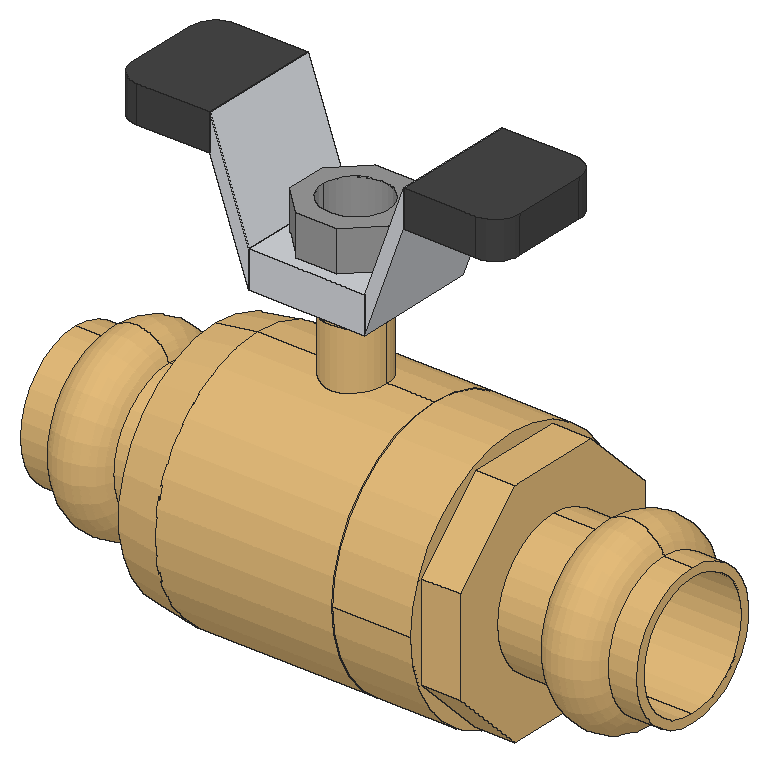
Revit family "430THK-Ball-Valve", category Pipe Accessories, Revit 2018
Family settings
  Round Connector Dimension = Use Diameter
  Part Type = Valve - Breaks Into
  OmniClass Number = 23.60.30.11.14
  OmniClass Title = Pipework Fittings
  Work Plane-Based = No
  Always vertical = Yes
  Cut with Voids When Loaded = No
  Shared = No
Parameters
  X8 [instance] = size_lookup(LookupTable, "X8", 0.000", Nominal Diameter)  # 0.310"
  Weight [instance] = size_lookup(LookupTable, "Weight", "NA", Nominal Diameter)  # "0.49"
  URL = "http://www.fnw.com"
  Standards Lookup Table = "Standards"  # constant formula
  R4 [instance] = size_lookup(LookupTable, "R4", 0.000", Nominal Diameter)  # 0.585"
  Product ID Handle [instance] = size_lookup(LookupTable, "ProductIDHandle", "NA", Nominal Diameter)  # "1772560"
  Product ID [instance] = size_lookup(LookupTable, "ProductID", "NA", Nominal Diameter)  # "2379990"
  Pipe Diameter [instance] = size_lookup(Standards Lookup Table, "copper", 0.000", Nominal Diameter)  # 0.625"
  Part Number Handle [instance] = size_lookup(LookupTable, "PartNumberHandle", "NA", Nominal Diameter)  # "FNW420THKBD"
  Part Number [instance] = size_lookup(LookupTable, "PartNumber", "NA", Nominal Diameter)  # "FNW430D"
  PIpe Radius [instance] = Pipe Diameter / 2  # 0.3125"
  Manufacturer = "FNW"  # constant formula
  Insert [instance] = size_lookup(LookupTable, "insert", 0.000", Nominal Diameter)  # 0.000"
  Description BOM Handle [instance] = size_lookup(LookupTable, "Description_BOMHandle", "NA", Nominal Diameter)  # "1/4-1/2 T-Handle For 420&421 BV"
  Description BOM [instance] = size_lookup(LookupTable, "Description_BOM", "NA", Nominal Diameter)  # "Not For Potable Use 1/2 Brass PXP Full Port BV Water"
  D5 Half [instance] = D5 / 2  # 0.000"
  D5 [instance] = size_lookup(LookupTable, "D5", 0.000", Nominal Diameter)  # 0.000"
  D3_Half [instance] = D3 / 2  # 0.250"
  Z3 [instance] = size_lookup(LookupTable, "Z3", 0.000", Nominal Diameter)  # 0.20313"
  Z2 [instance] = size_lookup(LookupTable, "Z2", 0.000", Nominal Diameter)  # 1.050"
  Z1 [instance] = size_lookup(LookupTable, "Z1", 0.000", Nominal Diameter)  # 0.925"
  X7 [instance] = size_lookup(LookupTable, "X7", 0.000", Nominal Diameter)  # 1.420"
  X6 [instance] = size_lookup(LookupTable, "X6", 0.000", Nominal Diameter)  # 0.325"
  X5 [instance] = size_lookup(LookupTable, "X5", 0.000", Nominal Diameter)  # 0.20014"
  X4 [instance] = size_lookup(LookupTable, "X4", 0.000", Nominal Diameter)  # 0.40028"
  X3 [instance] = size_lookup(LookupTable, "X3", 0.000", Nominal Diameter)  # 0.90092"
  X2 [instance] = size_lookup(LookupTable, "X2", 0.000", Nominal Diameter)  # 0.20867"
  X1 [instance] = size_lookup(LookupTable, "X1", 0.000", Nominal Diameter)  # 0.710"
  Show Lever Clearance [instance] = no
  R3 [instance] = size_lookup(LookupTable, "R3", 0.000", Nominal Diameter)  # 0.650"
  R2 [instance] = size_lookup(LookupTable, "R2", 0.000", Nominal Diameter)  # 0.6175"
  R1_Diam [instance] = R1 * 2  # 0.708"
  R1 [instance] = size_lookup(LookupTable, "R1", 0.000", Nominal Diameter)  # 0.354"
  Nominal Radius [instance] = Nominal Diameter / 2  # 0.250"
  Nominal Diameter [instance] = 0.500"
  LookupTable = "valve-ball-2p-press-tee-handle 430"  # constant formula
  HexAngle1 [instance] = 135.00°  # constant formula
  D3 [instance] = size_lookup(LookupTable, "D3", 0.000", Nominal Diameter)  # 0.500"
  D2 [instance] = size_lookup(LookupTable, "D2", 0.000", Nominal Diameter)  # 0.3125"
  D1 [instance] = size_lookup(LookupTable, "D1", 0.000", Nominal Diameter)  # 0.3125"
  2_Z2 [instance] = size_lookup(LookupTable, "2_Z2", 0.000", Nominal Diameter)  # 0.740"
  2_Z1 [instance] = size_lookup(LookupTable, "2_Z1", 0.000", Nominal Diameter)  # 0.1875"
  2_Y1 [instance] = size_lookup(LookupTable, "2_Y1", 0.000", Nominal Diameter)  # 0.625"
  2_X3 [instance] = size_lookup(LookupTable, "2_X3", 0.000", Nominal Diameter)  # 0.591"
  2_X2 [instance] = size_lookup(LookupTable, "2_X2", 0.000", Nominal Diameter)  # 0.985"
  2_X1 [instance] = size_lookup(LookupTable, "2_X1", 0.000", Nominal Diameter)  # 1.970"
Reference planes (in)
  plane 1 "Center (Front/Back)": y = 0
  plane 2: z = 0
  plane 3 "Center (Left/Right)": x = 0
  plane 4 "X7 End": x = -1.42
  plane 5 "D1 Top": z = 0.925
  plane 6 "D2 Top": z = 1.05
  plane 7: x = -0.71
  plane 8: x = -0.50133
  plane 9: x = 0.39959
  plane 10 "Face EXT": x = 0.79986
  plane 11: x = 1
  plane 12 "R3 Top": z = 0.65
  plane 13 "R2 Top": z = 0.6175
  plane 14 "R1 Top": z = 0.354
  plane 15 "Pipe radius": z = 0.3125
  plane 16 "NPT": x = -0.71
  plane 17 "NPT 2": x = 0.79986
  plane 18: x = 1.71
  plane 19 "X61": x = -1.2725
  plane 20: x = -0.9475
  plane 21 "X62": x = 1.2375
  plane 22: x = 1.5625
  plane 23: z = 1.05
  plane 24: x = 1.4
  plane 25: x = -1.11
  plane 26: z = 1.25312
  plane 27: z = 0
  plane 28: x = -1.42
  plane 29: x = 1.71
Forms (in)
  Extrusion 1, solid, material "Brass"
    sketch origin (0, 0, 0) x (1, 0, 0) y (0, 1, 0)
      loop
        circle (0, 0) r 0.15625
    from 0.925 to 1.05
  Extrusion 2, solid, material "Brass"
    sketch origin (0, 0, 0) x (0, 1, 0) y (0, 0, 1)
      loop
        circle (0, 0) r 0.65
      loop
        circle (0, 0) r 0.3125
    from 0.39959 to 0.79986
  Extrusion 3, solid, material "Brass"
    sketch origin (0, 0, 0.3125) x (-1, 0, 0) y (0, -1, 0)
      loop
        circle (0, 0) r 0.15625
    from 0 to 0.6125
  Extrusion 4, solid, material "Brass", not visible
    sketch origin (-0.71, 0, 0) x (0, 0, 1) y (0, -1, 0)
      loop
        circle (0, 0) r 0.25
    from -0.71 to 2.42
  Extrusion 5, solid, material "Brass"
    sketch origin (-0.71, 0, 0) x (0, 0, 1) y (0, -1, 0)
      loop
        circle (0, 0) r 0.354
      loop
        circle (0, 0) r 0.3125
    from -0.71 to 0
  Extrusion 6, solid, material "Brass"
    sketch origin (0.79986, 0, 0) x (0, 0, 1) y (0, -1, 0)
      loop
        line (-0.24231, -0.585) -> (0.24231, -0.585) -> (0.585, -0.24231) -> (0.585, 0.24231) -> (0.24231, 0.585) -> (-0.24231, 0.585) -> (-0.585, 0.24231) -> (-0.585, -0.24231) -> (-0.24231, -0.585)
      loop
        circle (0, 0) r 0.3125
    from 0 to 0.20014
  Revolve 7, solid, material "Brass"
    sketch origin (0, 0, 0) x (1, 0, 0) y (0, 0, 1)
      loop
        line (0.39959, 0.3125) -> (0.39959, 0.65) -> (-0.49763, 0.65) -> (-0.71, 0.6175) -> (-0.71, 0.3125) -> (0.39959, 0.3125)
      axis (-0.71, 0) -> (0.39959, 0)
    angle from 0 to 360
  Revolve 8, solid, material "Brass"
    sketch origin (0, 0, 0) x (1, 0, 0) y (0, 0, 1)
      loop
        line (-1.2725, 0.354) -> (-0.9475, 0.354)
        arc (-0.9475, 0.354) -> (-1.11, 0.46655) -> (-1.2725, 0.354) r 0.17359
      axis (-1.2725, 0) -> (-0.9475, 0)
    angle from 0 to 360
  Revolve 9, solid, material "Brass"
    sketch origin (0, 0, 0) x (1, 0, 0) y (0, 0, 1)
      loop
        line (1.2375, 0.354) -> (1.5625, 0.354)
        arc (1.5625, 0.354) -> (1.4, 0.46655) -> (1.2375, 0.354) r 0.17359
      axis (1.2375, 0) -> (1.5625, 0)
    angle from 0 to 360
  Extrusion 10, solid, material "Brass"
    sketch origin (-0.71, 0, 0) x (0, 0, 1) y (0, -1, 0)
      loop
        circle (0, 0) r 0.354
      loop
        circle (0, 0) r 0.3125
    from 1.71 to 2.42
Dimensions and locks (in)
  "X7": plane 4 "X7 End" to plane 3 "Center (Left/Right)"
  "Z1": plane 5 "D1 Top" to plane 2
  "Z2": plane 6 "D2 Top" to plane 2
  "X1": plane 4 "X7 End" to plane 7
  "X2": plane 8 to plane 7
  "X3": plane 9 to plane 8
  "X4": plane 10 "Face EXT" to plane 9
  "X5": plane 11 to plane 10 "Face EXT"
  "R3": plane 12 "R3 Top" to plane 2
  "R2": plane 13 "R2 Top" to plane 2
  "R1": plane 14 "R1 Top" to plane 2
  "PIpe Radius": plane 15 "Pipe radius" to plane 2
  "X1": plane 4 "X7 End" to plane 16 "NPT"
  "X5": plane 11 to plane 17 "NPT 2"
  "X1": plane 18 to plane 11
  "R4": Extrusion 6 sketch curve to plane 1 "Center (Front/Back)"
  "R4": plane 1 "Center (Front/Back)" to Extrusion 6 sketch curve  (x5)
  "R4": plane 2 to Extrusion 6 sketch curve  (x2)
  plane 23 to plane 6 "D2 Top" = 0.000"
  equal spacing: plane 20, plane 25, plane 19 "X61"
  equal spacing: plane 22, plane 24, plane 21 "X62"
  "X6": plane 22 to plane 21 "X62"
  "X6": plane 20 to plane 19 "X61"
  "X8": plane 4 "X7 End" to plane 25
  "Z3": plane 26 to plane 23
  "D5 Half": plane 27 to plane 2
  "X8": plane 24 to plane 18
  "Insert": plane 29 to plane 18
  "Insert": plane 28 to plane 4 "X7 End"
  "D2": diameter of Extrusion 1 sketch curve
  "R3": radius of Extrusion 2 sketch curve
  "PIpe Radius": radius of Extrusion 2 sketch curve
  "D1": diameter of Extrusion 3 sketch curve
  "Nominal Radius": radius of Extrusion 4 sketch curve
  "R1": radius of Extrusion 5 sketch curve
  "PIpe Radius": radius of Extrusion 5 sketch curve
  "PIpe Radius": radius of Extrusion 6 sketch curve
  "R1": radius of Extrusion 10 sketch curve
  "PIpe Radius": radius of Extrusion 10 sketch curve
  angle Extrusion 6 sketch curve to Extrusion 6 sketch curve = 135.00°  (x7)
  aligned and locked: plane 2 to level
  aligned and locked: Extrusion 1 to plane 5 "D1 Top"
  aligned and locked: plane 6 "D2 Top" to Extrusion 1
  aligned and locked: Extrusion 2 to plane 9
  aligned and locked: plane 10 "Face EXT" to Extrusion 2
  aligned and locked: plane 5 "D1 Top" to Extrusion 3
  aligned and locked: plane 4 "X7 End" to Extrusion 5
  aligned and locked: Revolve 7 sketch curve to level
  aligned and locked: Revolve 8 sketch curve to plane 2
  aligned and locked: Revolve 8 sketch curve to plane 14 "R1 Top"
  aligned and locked: plane 20 to Revolve 8 sketch curve
  aligned and locked: plane 19 "X61" to Revolve 8 sketch curve
  aligned and locked: Revolve 9 sketch curve to plane 2
  aligned and locked: plane 21 "X62" to Revolve 9 sketch curve
  aligned and locked: plane 22 to Revolve 9 sketch curve
  aligned and locked: Revolve 9 sketch curve to plane 14 "R1 Top"
  aligned and locked: plane 7 to Extrusion 5
  aligned and locked: Extrusion 10 to plane 11
  aligned and locked: Extrusion 10 to plane 18
  aligned and locked: plane 11 to Extrusion 6
  aligned and locked: Extrusion 4 to plane 28
  aligned and locked: plane 29 to Extrusion 4
Automatic sketch dimensions
  Revolve 7 sketch curve to plane 7 = 0.000"
  Revolve 7 sketch curve to plane 12 "R3 Top" = 0.000"
  Revolve 7 sketch curve to plane 9 = 0.000"
  Revolve 7 sketch curve to plane 15 "Pipe radius" = 0.000"
  Revolve 7 sketch curve to plane 13 "R2 Top" = 0.000"
  plane 8 to Revolve 7 sketch curve = 0.0037"
  plane 4 "X7 End" to Revolve 7 sketch curve = 0.1481"
  plane 7 to Revolve 7 sketch curve = 0.02483"
  Revolve 8 sketch curve to plane 15 "Pipe radius" = 0.01954"
  plane 4 "X7 End" to Revolve 8 sketch curve = 1.24841"
  plane 20 to Revolve 8 sketch curve = 0.10444"
  Revolve 9 sketch curve to plane 15 "Pipe radius" = 0.01954"
  Revolve 9 sketch curve to plane 11 = 0.01599"
  Revolve 9 sketch curve to plane 18 = 1.73101"
  plane 1 "Center (Front/Back)" to Extrusion 1 sketch curve = 0.000"
  Extrusion 1 sketch curve to plane 3 "Center (Left/Right)" = 0.000"
  Extrusion 2 sketch curve to Extrusion 2 sketch curve = 0.000"  (x2)
  Extrusion 2 sketch curve to level = 0.000"
  Extrusion 2 sketch curve to plane 1 "Center (Front/Back)" = 0.000"
  plane 1 "Center (Front/Back)" to Extrusion 3 sketch curve = 0.000"
  Extrusion 3 sketch curve to plane 3 "Center (Left/Right)" = 0.000"
  Extrusion 4 sketch curve to level = 0.000"
  Extrusion 4 sketch curve to plane 1 "Center (Front/Back)" = 0.000"
  Extrusion 5 sketch curve to Extrusion 5 sketch curve = 0.000"  (x2)
  Extrusion 5 sketch curve to level = 0.000"
  Extrusion 5 sketch curve to plane 1 "Center (Front/Back)" = 0.000"
  Extrusion 6 sketch curve to level = 0.000"
  Extrusion 6 sketch curve to plane 1 "Center (Front/Back)" = 0.000"
  Extrusion 10 sketch curve to Extrusion 10 sketch curve = 0.000"  (x2)
  Extrusion 10 sketch curve to level = 0.000"
  Extrusion 10 sketch curve to plane 1 "Center (Front/Back)" = 0.000"
Nested families (in)
  nested 1: "Nested Tee  Handle Blue 430THK" at (0, 0, 1.05), Show Lever Clearance <- "Show Lever Clearance", D3 <- "D3", Z3 <- "Z3", 2_X1 <- "2_X1", 2_X2 <- "2_X2", 2_X3 <- "2_X3", 2_Z1 <- "2_Z1", 2_Z2 <- "2_Z2", Description BOM Handle <- "Description BOM Handle", Part Number Handle <- "Part Number Handle", Product ID Handle <- "Product ID Handle", 2_Y1 <- "2_Y1", type "Nested Tee  Handle Blue 430THK"
    with Z3 0.20313", Void_Outer_Radius 0.5625", Void_Outer 1.125", Show Lever Clearance no, Product ID Handle "1772560", Part Number Handle "FNW420THKBD", Lever Radius 2.985", Grip_L3 0.4375", Grip_L2 0.3125", Grip_L1 0.125", Description BOM Handle "1/4-1/2 T-Handle For 420&421 BV", D3_Half 0.16667", D3 0.500", Clearance Hieght 6.000", Angle Hex Head 135.00°, 2_Z2 0.740", 2_Z1 0.1875", 2_Y1_Half 0.3125", 2_Y1 0.625", 2_X3 0.591", 2_X2 0.985", 2_X1 1.970"
Connectors (in)
  piping at (-1.42, 0, 0), diameter 0.5, driven by "Nominal Diameter"
    settings: on Extrusion 4, index 1, connector inside diameter 24", connector length 0.000", flow factor 0, pipe flow 0 GPM, pressure drop 0.00 psi, fitting loss kfactor 0, connector angle 0.00°, fixture units 0, engagement length 0.000", angle of deflection 0.00°, flow configuration 0, flow direction 0, fitting loss method 0, system type 7, joint type 0, gender type 0, connector reference index 2, connector utility 0, adjustable connector no, is connector primary yes, connector description ""
  piping at (1.71, 0, 0), diameter 0.5, driven by "Nominal Diameter"
    settings: on Extrusion 4, index 2, connector inside diameter 24", connector length 0.000", flow factor 0, pipe flow 0 GPM, pressure drop 0.00 psi, fitting loss kfactor 0, connector angle 0.00°, fixture units 0, engagement length 0.000", angle of deflection 0.00°, flow configuration 0, flow direction 0, fitting loss method 0, system type 7, joint type 0, gender type 0, connector reference index 1, connector utility 0, adjustable connector no, is connector primary no, connector description ""
Definition of nested family "Nested Tee  Handle Blue 430THK"
  Parameters (values of type "Nested Tee  Handle Blue 430")
    Z3 [instance] = 0.125"
    Product ID Handle [instance] = ""
    Part Number Handle [instance] = ""
    Lever Radius [instance] = [2_X1] / 2 + 2.000"  # 3.300"
    Description BOM Handle [instance] = ""
    Angle 2 = 45.00°  # constant formula
    Void_Outer_Radius [instance] = Void_Outer / 2  # 0.75623"
    Void_Outer [instance] = [2_Y1] + Grip_L1 * 4  # 1.51245"
    Show Lever Clearance [instance] = yes
    Grip_L3 [instance] = Grip_L1 + Grip_L2  # 0.375"
    Grip_L1 [instance] = 0.125"  # constant formula
    Grip_L2 [instance] = [2_Z1] + Grip_L1  # 0.250"
    Default Elevation = 48.000"
    D3_Half [instance] = D3 / 3  # 0.23251"
    D3 [instance] = 0.69752"
    Clearance Hieght [instance] = 6.000"  # constant formula
    Angle Hex Head [instance] = 135.00°  # constant formula
    2_Z2 [instance] = 0.45703"
    2_Z1 [instance] = 0.125"
    2_Y1_Half [instance] = [2_Y1] / 2  # 0.50623"
    2_Y1 [instance] = 1.01245"
    2_X3 [instance] = 0.780"
    2_X2 [instance] = 1.300"
    2_X1 [instance] = 2.600"
  Reference planes (in)
    plane 1 "Center (Front/Back)": y = 0
    plane 2: z = 0
    plane 3 "Center (Left/Right)": x = 0
    plane 4: z = 0.125
    plane 5: x = -0.39
    plane 6: x = 1.3
    plane 7: y = -0.50623
    plane 8: x = 0.39
    plane 9: x = 0.65
    plane 10: z = 0.45703
    plane 11: z = 0.25
    plane 12: x = -1.3
    plane 13: x = -0.65
    plane 14 "tee base upper": z = 0.33203
    plane 15: y = 0.50623
  Forms (in)
    Extrusion 1, solid
      sketch origin (0, 0, 0) x (1, 0, 0) y (0, 1, 0)
        loop
          line (-48, 48) -> (-48, -48) -> (48, -48) -> (48, 48) -> (-48, 48)
      from 0 to -12
    Extrusion 2, solid
      sketch origin (0, 0, 0) x (1, 0, 0) y (0, 1, 0)
        loop
          line (0.34876, 0.14446) -> (0.14446, 0.34876) -> (-0.14446, 0.34876) -> (-0.34876, 0.14446) -> (-0.34876, -0.14446) -> (-0.14446, -0.34876) -> (0.14446, -0.34876) -> (0.34876, -0.14446) -> (0.34876, 0.14446)
        loop
          circle (0, 0) r 0.23251
      from 0.125 to 0.25
    Extrusion 3, solid
      sketch origin (0, 0, 0) x (1, 0, 0) y (0, 1, 0)
        loop
          line (-0.39, 0.50623) -> (-0.39, -0.50623) -> (0.39, -0.50623) -> (0.39, 0.50623) -> (-0.39, 0.50623)
      from 0 to 0.125
    Extrusion 4, solid
      sketch origin (0, 0, 0) x (1, 0, 0) y (0, 0, 1)
        loop
          line (-0.39, 0.125) -> (-0.65, 0.45703) -> (-0.65, 0.33203) -> (-0.39, 0) -> (-0.39, 0.125)
        loop
          line (0.39, 0.125) -> (0.39, 0) -> (0.65, 0.33203) -> (0.65, 0.45703) -> (0.39, 0.125)
      from -0.50623 to 0.50623
    Extrusion 5, solid
      sketch origin (0, 0, 0.33203) x (0, -1, 0) y (1, 0, 0)
        loop
          arc (-0.50623, -1.175) -> (-0.46962, -1.26339) -> (-0.38123, -1.3) r 0.125
          line (-0.38123, -1.3) -> (0.38123, -1.3)
          arc (0.38123, -1.3) -> (0.46962, -1.26339) -> (0.50623, -1.175) r 0.125
          line (0.50623, -1.175) -> (0.50623, -0.65) -> (-0.50623, -0.65) -> (-0.50623, -1.175)
        loop
          line (-0.50623, 0.65) -> (0.50623, 0.65) -> (0.50623, 1.175)
          arc (0.50623, 1.175) -> (0.46962, 1.26339) -> (0.38123, 1.3) r 0.125
          line (0.38123, 1.3) -> (-0.38123, 1.3)
          arc (-0.38123, 1.3) -> (-0.46962, 1.26339) -> (-0.50623, 1.175) r 0.125
          line (-0.50623, 1.175) -> (-0.50623, 0.65)
      from 0 to 0.125
    Extrusion 6, solid, visible <- "Show Lever Clearance"
      sketch origin (0, 0, 0.33203) x (0, -1, 0) y (1, 0, 0)
        loop
          circle (0, 0) r 3.3
      from 0 to 6.125
  Lines and regions (in)
    reference lines
      curve 1: line (0, 0, 2.45703) -> (0, 0, -1.625)
  Dimensions and locks (in)
    "2_Z1": plane 4 to plane 2
    plane 1 "Center (Front/Back)" to plane 7 = 0.50623"
    equal spacing: Extrusion 2 sketch curve, curve 1, Extrusion 2 sketch curve  (x4)
    "D3": Extrusion 2 sketch curve to Extrusion 2 sketch curve  (x4)
    "Z3": plane 11 to plane 4
    equal spacing: plane 8, plane 3 "Center (Left/Right)", plane 5
    "2_X3": plane 8 to plane 5
    equal spacing: plane 13, plane 3 "Center (Left/Right)", plane 9
    "2_X2": plane 13 to plane 9
    equal spacing: plane 6, plane 3 "Center (Left/Right)", plane 12
    "2_X1": plane 6 to plane 12
    "2_Z2": plane 10 to plane 2
    "2_Z1": plane 10 to plane 14 "tee base upper"
    equal spacing: plane 7, plane 1 "Center (Front/Back)", plane 15
    "2_Y1": plane 7 to plane 15
    "Clearance Hieght": Extrusion 6 to plane 10
    "D3_Half": radius of Extrusion 2 sketch curve
    "Lever Radius": radius of Extrusion 6 sketch curve
    "Grip_L1": radius of Extrusion 5 sketch curve  (x4)
    "Angle Hex Head": angle Extrusion 2 sketch curve to Extrusion 2 sketch curve  (x6)
    aligned and locked: plane 2 to Extrusion 1
    aligned and locked: level to Extrusion 1
    aligned and locked: curve 1 to plane 3 "Center (Left/Right)"
    aligned and locked: plane 4 to Extrusion 2
    aligned and locked: Extrusion 2 to plane 11
    aligned and locked: plane 7 to Extrusion 3 sketch curve
    aligned and locked: Extrusion 3 sketch curve to plane 8
    aligned and locked: Extrusion 3 to plane 4
    aligned and locked: Extrusion 3 to plane 5
    aligned and locked: plane 14 "tee base upper" to Extrusion 4 sketch curve
    aligned and locked: plane 13 to Extrusion 4 sketch curve  (x2)
    aligned and locked: plane 5 to Extrusion 4 sketch curve  (x2)
    aligned and locked: plane 9 to Extrusion 4 sketch curve  (x2)
    aligned and locked: plane 8 to Extrusion 4 sketch curve  (x2)
    aligned and locked: Extrusion 4 to plane 15
    aligned and locked: Extrusion 4 to plane 7
    aligned and locked: Extrusion 4 to Extrusion 3
    aligned and locked: Extrusion 3 to plane 15
    aligned and locked: plane 12 to Extrusion 5 sketch curve
    aligned and locked: plane 15 to Extrusion 5 sketch curve  (x2)
    aligned and locked: plane 13 to Extrusion 5 sketch curve
    aligned and locked: plane 7 to Extrusion 5 sketch curve  (x2)
    aligned and locked: plane 9 to Extrusion 5 sketch curve
    aligned and locked: plane 6 to Extrusion 5 sketch curve
    aligned and locked: Extrusion 5 to plane 10
  Automatic sketch dimensions
    Extrusion 1 sketch curve to Extrusion 1 sketch curve = 96.000"  (x2)
    curve 1 to level = 1.625"
    Extrusion 3 sketch curve to plane 5 = 0.000"
    curve 1 to plane 10 = 2.000"
    Extrusion 4 sketch curve to plane 4 = 0.000"  (x2)
    Extrusion 4 sketch curve to level = 0.000"  (x2)
    Extrusion 4 sketch curve to plane 14 "tee base upper" = 0.000"
    Extrusion 4 sketch curve to plane 10 = 0.000"  (x2)
    Extrusion 3 sketch curve to plane 1 "Center (Front/Back)" = 0.50623"
    plane 1 "Center (Front/Back)" to Extrusion 2 sketch curve = 0.000"
    Extrusion 2 sketch curve to plane 3 "Center (Left/Right)" = 0.000"
    plane 1 "Center (Front/Back)" to Extrusion 6 sketch curve = 0.000"
    Extrusion 6 sketch curve to plane 3 "Center (Left/Right)" = 0.000"
